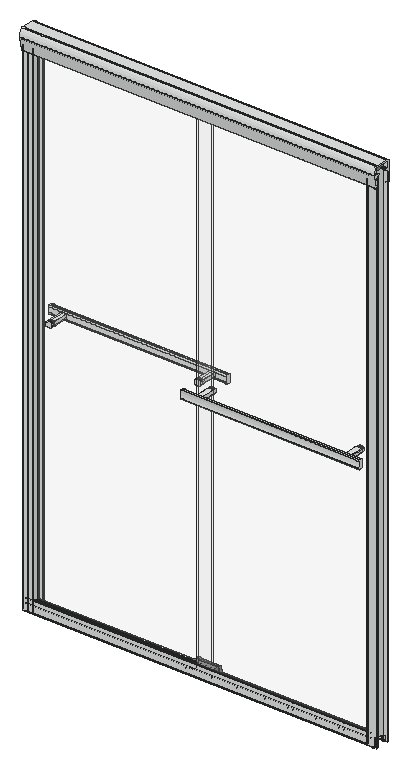
Revit family "Shower-Shower_Door-KOHLER-Gradient-K-709063_1", category Specialty Equipment, host Face, Revit 2021 (continued)
Definition of nested family "K-709063"
  Automatic sketch dimensions
    Masking region 2 sketch curve to Masking region 2 sketch curve = 0.02882"
    plane 19 to Masking region 2 sketch curve = 0.47028"
    plane 19 to Masking region 2 sketch curve = 0.47019"
    Masking region 2 sketch curve to plane 19 = 4.21866"
    Masking region 2 sketch curve to Masking region 2 sketch curve = 2.5937"
    plane 28 to Masking region 2 sketch curve = 0.17357"
    Masking region 2 sketch curve to Masking region 2 sketch curve = 0.01651"
    plane 28 to Masking region 2 sketch curve = 0.17355"
    Masking region 2 sketch curve to Masking region 2 sketch curve = 0.0221"
    Masking region 2 sketch curve to Masking region 2 sketch curve = 0.01898"
    Extrusion 20 sketch curve to plane 23 = 0"  (x2)
    plane 11 to Extrusion 20 sketch curve = 0.23681"
    plane 28 to Extrusion 20 sketch curve = 0.7443"
    plane 28 to Extrusion 20 sketch curve = 0.66012"
    plane 28 to Extrusion 20 sketch curve = 0.43431"
    plane 28 to Extrusion 20 sketch curve = 0.05"
    plane 26 to Extrusion 20 sketch curve = 0.05"
    Extrusion 20 sketch curve to Extrusion 20 sketch curve = 0.42963"
    Extrusion 20 sketch curve to plane 24 = 0.07936"
    Extrusion 28 sketch curve to Extrusion 28 sketch curve = 0"  (x12)
    plane 33 to Extrusion 28 sketch curve = 0"  (x2)
    plane 32 to Extrusion 28 sketch curve = 0"  (x2)
    plane 33 to Extrusion 28 sketch curve = 0.323"  (x2)
    Extrusion 28 sketch curve to Extrusion 28 sketch curve = 0.032"  (x5)
    Extrusion 28 sketch curve to plane 33 = 0.323"  (x2)
    plane 32 to Extrusion 28 sketch curve = 0.355"
    Extrusion 28 sketch curve to plane 32 = 0.323"  (x2)
    plane 5 to Extrusion 28 sketch curve = 0.35512"  (x2)
    plane 5 to Extrusion 28 sketch curve = 0.20678"  (x4)
    Extrusion 28 sketch curve to plane 5 = 0.20678"  (x4)
    Extrusion 28 sketch curve to plane 5 = 0.35513"  (x2)
    Extrusion 27 sketch curve to plane 5 = 0"  (x2)
    plane 33 to Extrusion 27 sketch curve = 0"
    plane 32 to Extrusion 27 sketch curve = 0"
    Masking region 3 sketch curve to plane 3 "Center (Left/Right)" = 0"
    Masking region 3 sketch curve to plane 18 = 0"
    Masking region 3 sketch curve to plane 29 = 0"
    Masking region 3 sketch curve to plane 8 = 0"  (x2)
    Masking region 3 sketch curve to plane 23 = 0"
    plane 35 to Masking region 3 sketch curve = 0.42931"
    plane 5 to Masking region 3 sketch curve = 0.56029"
    Masking region 3 sketch curve to plane 5 = 0.56102"
    Extrusion 4 sketch curve to plane 34 = 0.04893"
    plane 34 to Extrusion 4 sketch curve = 0.11324"
    curve 111 to plane 6 = 0"
    curve 115 to plane 6 = 0"
    curve 114 to plane 6 = 0"
    curve 112 to plane 6 = 0"
    curve 113 to plane 6 = 0"
    plane 19 to curve 104 = 0.46501"
    curve 103 to plane 30 = 0.355"
    curve 104 to plane 30 = 0.355"
    plane 30 to curve 104 = 0.355"
    plane 30 to curve 103 = 0.355"
    curve 108 to plane 32 = 0.355"
    curve 107 to plane 32 = 0.355"
    plane 32 to curve 107 = 0.355"
    plane 32 to curve 108 = 0.355"
    curve 106 to plane 31 = 0.355"
    curve 105 to plane 31 = 0.355"
    plane 31 to curve 105 = 0.355"
    plane 31 to curve 106 = 0.355"
    curve 110 to plane 33 = 0.355"
    curve 109 to plane 33 = 0.355"
    plane 33 to curve 109 = 0.355"
    plane 33 to curve 110 = 0.355"
    plane 3 "Center (Left/Right)" to curve 115 = 0.00062"
    plane 3 "Center (Left/Right)" to curve 111 = 0.00062"
    plane 3 "Center (Left/Right)" to curve 112 = 0.00062"
    plane 3 "Center (Left/Right)" to curve 113 = 0.00062"
    plane 3 "Center (Left/Right)" to curve 114 = 0.00062"
    plane 19 to curve 106 = 0.47028"
    plane 19 to curve 104 = 0.47028"
    plane 28 to curve 105 = 0.7443"
    plane 28 to curve 103 = 0.7443"
    curve 105 to curve 105 = 0.00138"
    curve 103 to curve 103 = 0.00138"
    plane 28 to curve 115 = 0.43431"
    plane 28 to curve 114 = 0.21557"
    plane 26 to curve 113 = 0.18313"
    curve 113 to curve 112 = 0.08524"
    curve 112 to curve 111 = 0.04348"
    plane 26 to curve 110 = 0.43409"
    plane 26 to curve 108 = 0.43409"
    curve 109 to plane 20 = 0.46045"
    curve 107 to plane 20 = 0.46045"
    Masking region 4 sketch curve to plane 20 = 0"
    Masking region 4 sketch curve to plane 19 = 0"
    Masking region 4 sketch curve to plane 6 = 0"
    plane 9 to Masking region 4 sketch curve = 0.25025"
    Masking region 4 sketch curve to plane 30 = 0.355"
    plane 30 to Masking region 4 sketch curve = 0.355"
    plane 34 to Masking region 4 sketch curve = 51/128"
    Masking region 4 sketch curve to plane 32 = 0.355"
    plane 32 to Masking region 4 sketch curve = 0.355"
    Masking region 4 sketch curve to plane 31 = 0.355"
    plane 31 to Masking region 4 sketch curve = 0.355"
    Masking region 4 sketch curve to plane 8 = 0.25603"
    Masking region 4 sketch curve to plane 33 = 0.355"
    plane 33 to Masking region 4 sketch curve = 0.355"
    Masking region 4 sketch curve to plane 35 = 0.21964"
    plane 3 "Center (Left/Right)" to Masking region 4 sketch curve = 0.00062"
    Masking region 4 sketch curve to Masking region 4 sketch curve = 0.46501"
    plane 19 to Masking region 4 sketch curve = 0.47028"  (x2)
    plane 28 to Masking region 4 sketch curve = 0.7443"  (x2)
    Masking region 4 sketch curve to Masking region 4 sketch curve = 0.00138"
    plane 26 to Masking region 4 sketch curve = 0.43409"  (x3)
    Masking region 4 sketch curve to plane 20 = 0.46045"  (x3)
    curve 76 to curve 85 = 0"
    curve 80 to curve 81 = 0"
    curve 88 to curve 89 = 0"
    curve 93 to curve 94 = 0"
    curve 6 to plane 23 = 0"
    curve 6 to plane 18 = 0"
    curve 4 to plane 29 = 0"
    curve 4 to plane 23 = 0"
    plane 33 to curve 93 = 0"
    plane 33 to curve 88 = 0"
    curve 96 to plane 8 = 0"
    curve 98 to plane 8 = 0"
    curve 2 to plane 8 = 0"
    curve 101 to plane 8 = 0"
    curve 102 to plane 8 = 0"
    curve 116 to plane 23 = 0"
    plane 32 to curve 76 = 0"
    plane 32 to curve 81 = 0"
    curve 100 to plane 7 = 0"
    curve 99 to plane 7 = 0"
    curve 102 to plane 29 = 0"
    plane 33 to curve 95 = 0.323"
    plane 33 to curve 87 = 0.323"
    curve 86 to curve 87 = 0.032"
    curve 90 to plane 33 = 0.323"
    curve 92 to plane 33 = 0.323"
    curve 92 to curve 91 = 0.032"
    plane 32 to curve 78 = 0.355"
    curve 78 to curve 79 = 0.032"
    curve 77 to curve 77 = 0.032"
    curve 84 to plane 32 = 0.323"
    curve 82 to plane 32 = 0.323"
    curve 82 to curve 83 = 0.032"
    plane 9 to curve 97 = 0.25025"
    plane 5 to curve 97 = 0.56029"
    plane 5 to curve 94 = 0.35512"
    plane 5 to curve 85 = 0.35512"
    plane 5 to curve 83 = 0.20678"
    plane 5 to curve 90 = 0.20678"
    plane 5 to curve 78 = 0.20678"
    plane 5 to curve 86 = 0.20678"
    curve 86 to plane 5 = 0.20678"
    curve 77 to plane 5 = 0.20678"
    curve 92 to plane 5 = 0.20678"
    curve 84 to plane 5 = 0.20678"
    curve 81 to plane 5 = 0.35513"
    curve 88 to plane 5 = 0.35513"
    curve 97 to plane 5 = 0.56102"
    curve 94 to curve 95 = 0"
    curve 88 to curve 87 = 0"
    plane 35 to curve 4 = 0.4298"
    curve 5 to plane 18 = 0"
    plane 35 to curve 5 = 0.42931"
    plane 3 "Center (Left/Right)" to curve 6 = 0.04264"
    plane 3 "Center (Left/Right)" to curve 3 = 0.00062"
    plane 3 "Center (Left/Right)" to curve 1 = 0.00062"
    plane 8 to curve 116 = 0.03637"
    plane 8 to curve 117 = 0.03637"
    curve 80 to curve 79 = 0"
    curve 76 to curve 77 = 0"
    plane 29 to curve 117 = 0.04478"
    plane 11 to curve 1 = 0.23681"
    curve 3 to plane 4 = 0.07359"
    Masking region 1 sketch curve to plane 23 = 0"
    Masking region 1 sketch curve to plane 4 = 0"
    Masking region 1 sketch curve to plane 18 = 0"
    Masking region 1 sketch curve to plane 29 = 0"
    Masking region 1 sketch curve to plane 8 = 0"  (x2)
    Masking region 1 sketch curve to plane 10 = 0"
    Masking region 1 sketch curve to plane 6 = 0"
    Masking region 1 sketch curve to Masking region 1 sketch curve = 0.25603"
    plane 35 to Masking region 1 sketch curve = 0.42931"
    plane 3 "Center (Left/Right)" to Masking region 1 sketch curve = 0.3608"
    plane 3 "Center (Left/Right)" to Masking region 1 sketch curve = 0.00062"
    level to Masking region 1 sketch curve = 0.00004"
    Masking region 1 sketch curve to plane 18 = 0.00073"
    plane 5 to Masking region 1 sketch curve = 0.56029"
    Masking region 1 sketch curve to plane 5 = 0.56102"
    Extrusion 29 sketch curve to plane 26 = 0"
    Extrusion 29 sketch curve to plane 25 = 0"
    plane 5 to Extrusion 29 sketch curve = 0.47971"
    Extrusion 29 sketch curve to plane 5 = 0.41879"
    Extrusion 30 sketch curve to plane 27 = 0"
    Extrusion 30 sketch curve to plane 28 = 0"
    plane 5 to Extrusion 30 sketch curve = 0.52728"
    Extrusion 30 sketch curve to plane 5 = 0.3993"
    plane 31 to Extrusion 26 sketch curve = 0"  (x2)
    plane 30 to Extrusion 26 sketch curve = 0"  (x2)
    Extrusion 26 sketch curve to Extrusion 26 sketch curve = 0.0315"  (x8)
    plane 5 to Extrusion 26 sketch curve = 0.35512"  (x2)
    plane 5 to Extrusion 26 sketch curve = 0.20707"  (x4)
    Extrusion 26 sketch curve to plane 5 = 0.20707"  (x4)
    Extrusion 26 sketch curve to plane 5 = 0.35513"  (x2)
    Extrusion 26 sketch curve to Extrusion 26 sketch curve = 0"  (x4)
    radius of Extrusion 18 sketch curve = 0.15748"  (x2)
    radius of curve 69 = 0.09351"
    radius of curve 70 = 0.09436"
    radius of curve 71 = 0.09377"
    radius of Extrusion 27 sketch curve = 5/32"
    radius of Extrusion 27 sketch curve = 0.1594"
Types (7): name | Type | Secondary Finish | Product Page URL | Product Documentation Link | Model | Finish | Description
  (no name) | 3 | Kohler-Glass-L-Crystal_Clear | "http://www.us.kohler.com/us/catalog/productDetails.jsp?productNumber=709063-L" | "https://www.us.kohler.com/webassets/kpna/catalog/pdf/en/K-709063-L_spec_US-CA_Kohler_en.pdf" | "K-709063-L-SHP" | Kohler-Metal-SHP-Bright_Polished_Silver | "Sliding Bath Door, 70-1/16 Inch H x 42-5/8 - 47-5/8 Inch W, With 1/4 Inch Thick Crystal Clear Glass"
  Crystal Clear Glass, SHP-Bright Polished Silver | 3 | Kohler-Glass-L-Crystal_Clear | "http://www.us.kohler.com/us/catalog/productDetails.jsp?productNumber=709063-L" | "https://www.us.kohler.com/webassets/kpna/catalog/pdf/en/K-709063-L_spec_US-CA_Kohler_en.pdf" | "K-709063-L-SHP" | Kohler-Metal-SHP-Bright_Polished_Silver | "Sliding Bath Door, 70-1/16 Inch H x 42-5/8 - 47-5/8 Inch W, With 1/4 Inch Thick Crystal Clear Glass"
  Frosted Glass, SHP-Bright Polished Silver | 6 | KOHLER-Frosted_Glass | "http://www.us.kohler.com/us/catalog/productDetails.jsp?productNumber=709063-D3" | "https://www.us.kohler.com/webassets/kpna/catalog/pdf/en/K-709063-D3_spec_US-CA_Kohler_en.pdf" | "K-709063-D3-SHP" | Kohler-Metal-SHP-Bright_Polished_Silver | "Sliding Bath Door, 70-1/16 Inch H x 42-5/8 - 47-5/8 Inch W, With 1/4 Inch Thick Frosted Glass"
  Crystal Clear Glass, ABZ-Anodized Dark Bronze | 1 | Kohler-Glass-L-Crystal_Clear | "http://www.us.kohler.com/us/catalog/productDetails.jsp?productNumber=709063-L" | "https://www.us.kohler.com/webassets/kpna/catalog/pdf/en/K-709063-L_spec_US-CA_Kohler_en.pdf" | "K-709063-L-ABZ" | Kohler-Metal-ABZ-Anodized_Dark_Bronze | "Sliding Bath Door, 70-1/16 Inch H x 42-5/8 - 47-5/8 Inch W, With 1/4 Inch Thick Crystal Clear Glass"
  Crystal Clear Glass, MX-Matte Nickel | 2 | Kohler-Glass-L-Crystal_Clear | "http://www.us.kohler.com/us/catalog/productDetails.jsp?productNumber=709063-L" | "https://www.us.kohler.com/webassets/kpna/catalog/pdf/en/K-709063-L_spec_US-CA_Kohler_en.pdf" | "K-709063-L-MX" | Kohler-Metal-MX-Matte_Nickel | "Sliding Bath Door, 70-1/16 Inch H x 42-5/8 - 47-5/8 Inch W, With 1/4 Inch Thick Crystal Clear Glass"
  Frosted Glass, ABZ-Anodized Dark Bronze | 4 | KOHLER-Frosted_Glass | "http://www.us.kohler.com/us/catalog/productDetails.jsp?productNumber=709063-D3" | "https://www.us.kohler.com/webassets/kpna/catalog/pdf/en/K-709063-D3_spec_US-CA_Kohler_en.pdf" | "K-709063-D3-ABZ" | Kohler-Metal-ABZ-Anodized_Dark_Bronze | "Sliding Bath Door, 70-1/16 Inch H x 42-5/8 - 47-5/8 Inch W, With 1/4 Inch Thick Frosted Glass"
  Frosted Glass, MX-Matte Nickel | 5 | KOHLER-Frosted_Glass | "http://www.us.kohler.com/us/catalog/productDetails.jsp?productNumber=709063-D3" | "https://www.us.kohler.com/webassets/kpna/catalog/pdf/en/K-709063-D3_spec_US-CA_Kohler_en.pdf" | "K-709063-D3-MX" | Kohler-Metal-MX-Matte_Nickel | "Sliding Bath Door, 70-1/16 Inch H x 42-5/8 - 47-5/8 Inch W, With 1/4 Inch Thick Frosted Glass"
